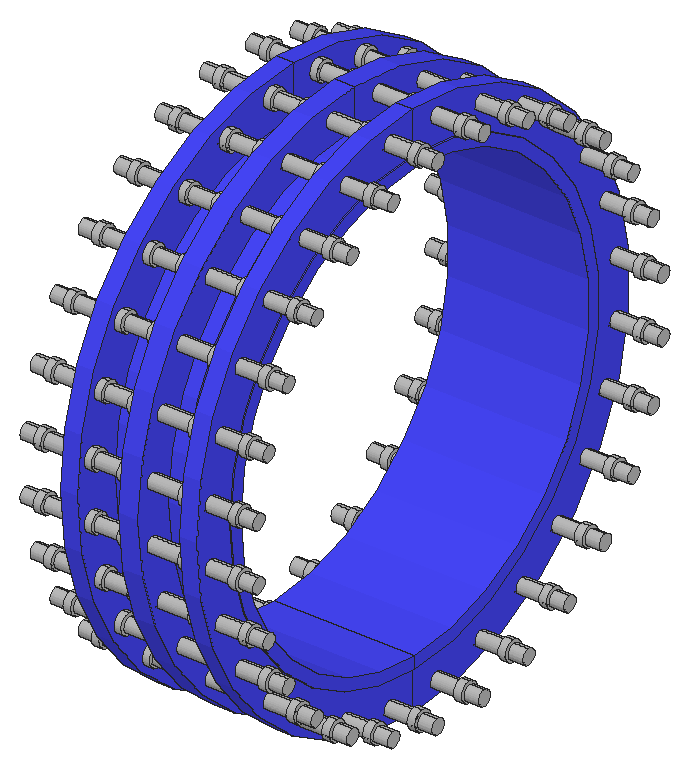
Revit family "265-91-001 DN0900-1000", category Pipe Accessories, Revit 2022
Family settings
  Round Connector Dimension = Use Diameter
  Part Type = Valve - Breaks Into
  Work Plane-Based = No
  Always vertical = Yes
  Cut with Voids When Loaded = No
  Shared = No
Parameters (values of type "DN0900_PN10")
  raised_R = D * 0.85  # 473.875 mm
  offset = S11 - S  # 10.5 mm
  URL_product_pages = "https://www.avkvalves.com/P.aspx?no=265900401014036400"
  T1 = FL_T * 0.75  # 30 mm
  T = FL_T * 0.3  # 12 mm
  Search_table = "265-91-001 DN0900-1000"
  S11 = S * 1.35  # 40.5 mm
  S = size_lookup(Search_table, "S", 0 mm, DN)  # 30 mm
  Raised_dis = size_lookup(Search_table, "Raised_dis", 0 mm, DN)  # 5 mm
  PN = size_lookup(Search_table, "PN", 0 mm, DN)  # 10 mm
  PCD = size_lookup(Search_table, "PCD", 0 mm, DN) / 2  # 525 mm
  Nut_T = FL_T * 0.4  # 16 mm
  L3 = FL_T / 2  # 20 mm
  L2 = L * 0.065  # 31.2 mm
  L11 = size_lookup(Search_table, "L11", 0 mm, DN)  # 290 mm
  L1 = L11 * 0.68  # 197.2 mm
  FL_T/2 = FL_T / 2  # 20 mm
  L = size_lookup(Search_table, "L", 0 mm, DN)  # 480 mm
  FL_T = size_lookup(Search_table, "FL_T", 0 mm, DN)  # 40 mm
  Description_ = "AVK DISMANTLING JOINT WITH CENTRE FLANGE, PN10/16"
  Default Elevation = 0 mm
  DN1000_PN10 = "265-9-1000-11-04036401"
  DN1000_PN16 = "265-9-1000-10-14036400"
  DN0900_PN10 = "265-9-0900-11-04036401"
  DN0900_PN16 = "265-9-0900-10-14036400"
  DN = 900.1 mm
  D = size_lookup(Search_table, "D", 0 mm, DN) / 2  # 557.5 mm
  Bore = DN / 2  # 450.05 mm
  Bolt.no = size_lookup(Search_table, "Bolt.no", 0 mm, DN)  # 28 mm
  B1 = L * 0.08  # 38.4 mm
  25 = 25 mm  # constant formula
Types (5, lengths in mm): name | raised_R | offset | T1 | T | S11 | S | PN | PCD | Nut_T | L3 | L2 | L11 | L1 | FL_T/2 | L | FL_T | DN | D | Bore | B1
  (no name) | 473.875 | 10.5 | 30 | 12 | 40.5 | 30 | 10 | 525 | 16 | 20 | 31.2 | 290 | 197.2 | 20 | 480 | 40 | 900.1 | 557.5 | 450.05 | 38.4
  DN0900_PN16 | 478.125 | 12.6 | 34.875 | 13.95 | 48.6 | 36 | 16 | 525 | 18.6 | 23.25 | 35.425 | 320 | 217.6 | 23.25 | 545 | 46.5 | 900 | 562.5 | 450 | 43.6
  DN0900_PN10 | 473.875 | 10.5 | 30 | 12 | 40.5 | 30 | 10 | 525 | 16 | 20 | 31.2 | 290 | 197.2 | 20 | 480 | 40 | 900.1 | 557.5 | 450.05 | 38.4
  DN1000_PN16 | 533.375 | 13.65 | 37.5 | 15 | 52.65 | 39 | 16 | 585 | 20 | 25 | 37.7 | 340 | 231.2 | 25 | 580 | 50 | 1000 | 627.5 | 500 | 46.4
  DN1000_PN10 | 522.75 | 11.55 | 31.875 | 12.75 | 44.55 | 33 | 10 | 580 | 17 | 21.25 | 32.5 | 290 | 197.2 | 21.25 | 500 | 42.5 | 1000.1 | 615 | 500.05 | 40
Reference planes
  plane 1 "Center (Front/Back)": y = 0
  plane 2: z = 0
  plane 3 "Center (Left/Right)": x = 0
  plane 4: z = 557.5
  plane 5: z = -557.5
  plane 6: x = -145
  plane 7: x = 145
  plane 8: x = -145
  plane 9: x = 145
  plane 10: z = 450.05
  plane 11: y = 525
  plane 12: y = -525
  plane 13: z = 525
  plane 14: z = -525
  plane 15: x = -240
  plane 16: x = 240
  plane 17: x = 105
  plane 18: x = -208.8
  plane 19: x = 208.8
  plane 20: x = -105
  plane 21: x = -20
  plane 22: x = -192.8
  plane 23: x = -89
  plane 24: x = -36
  plane 25: x = 89
  plane 26: x = 192.8
  plane 27: z = 0
  plane 28: z = 0
  plane 29: y = 0.002
  plane 30: z = 0
  plane 31: y = 0
  plane 32: z = 320
  plane 33: z = 225
  plane 34: z = 292.5
  plane 35: z = 0
  plane 36: z = 0
  plane 37: z = 0
  plane 38: through (4267.2, -250.917, 28.233) normal (0, 0.1118, 0.9937)
  plane 39: through (0, 0, 0) normal (0, -0.2222, -0.975)
  plane 40: through (4267.2, -238.368, 83.288) normal (0, 0.3299, 0.944)
  plane 41: through (0, 0, 0) normal (0, -0.4333, -0.9012)
  plane 42: through (4267.2, -213.898, 134.178) normal (0, 0.5314, 0.8471)
  plane 43: through (0, 0, 0) normal (0, -0.6228, -0.7824)
  plane 44: through (4267.2, -178.731, 178.357) normal (0, 0.7064, 0.7078)
  plane 45: through (0, 0, 0) normal (0, -0.7811, -0.6244)
  plane 46: through (4267.2, -134.626, 213.617) normal (0, 0.846, 0.5332)
  plane 47: through (0, 0, 0) normal (0, -0.9003, -0.4352)
  plane 48: through (4267.2, -83.788, 238.193) normal (0, 0.9433, 0.3318)
  plane 49: through (0, 0, 0) normal (0, -0.9745, -0.2243)
  plane 50: through (4267.2, -28.759, 250.857) normal (0, 0.9935, 0.1139)
  plane 51: through (4267.2, 250.917, 28.233) normal (0, 0.1118, -0.9937)
  plane 52: through (0, 0, 0) normal (0, -0.2222, 0.975)
  plane 53: through (4267.2, 238.368, 83.288) normal (0, 0.3299, -0.944)
  plane 54: through (0, 0, 0) normal (0, -0.4333, 0.9012)
  plane 55: through (4267.2, 213.898, 134.178) normal (0, 0.5314, -0.8471)
  plane 56: through (0, 0, 0) normal (0, -0.6228, 0.7824)
  plane 57: through (4267.2, 178.731, 178.357) normal (0, 0.7064, -0.7078)
  plane 58: through (0, 0, 0) normal (0, -0.7811, 0.6244)
  plane 59: through (4267.2, 134.626, 213.617) normal (0, 0.846, -0.5332)
  plane 60: through (0, 0, 0) normal (0, -0.9003, 0.4352)
  plane 61: through (4267.2, 83.788, 238.193) normal (0, 0.9433, -0.3318)
  plane 62: through (0, 0, 0) normal (0, -0.9745, 0.2243)
  plane 63: through (4267.2, 28.759, 250.857) normal (0, 0.9935, -0.1139)
Forms (mm)
  Revolve 1, solid, material "Laminate, Blue, Matte"
    sketch origin (0, 0, 0) x (1, 0, 0) y (0, 0, 1)
      loop
        line (-145, 473.875) -> (-145, 450.05) -> (145, 450.05) -> (145, 473.875) -> (140, 473.875) -> (140, 557.5) -> (105, 557.5) -> (105, 462.05) -> (-105, 462.05) -> (-105, 557.5) -> (-140, 557.5) -> (-140, 473.875) -> (-145, 473.875)
      axis (-145, 0) -> (145, 0)
    angle from 0 to 360
  Revolve 2, solid, material "Laminate, Blue, Matte"
    sketch origin (0, 0, 0) x (1, 0, 0) y (0, 0, 1)
      loop
        line (-20, 557.5) -> (-20, 462.05) -> (52.2, 462.05) -> (52.2, 480.05) -> (20, 480.05) -> (20, 557.5) -> (-20, 557.5)
      axis (-20, 0) -> (52.2, 0)
    angle from 0 to 360
  Extrusion 3, solid, material "Stainless Steel AISI 304"
    sketch origin (-208.8, -1524, 188.585) x (0, 0, 1) y (0, -1, 0)
      loop
        circle (-247.288, -2045.709) r 15
      loop
        circle (-361.759, -2019.618) r 15
      loop
        circle (-467.57, -1968.74) r 15
      loop
        circle (-559.428, -1895.62) r 15
      loop
        circle (-632.739, -1803.916) r 15
      loop
        circle (-683.839, -1698.212) r 15
      loop
        circle (-710.169, -1583.796) r 15
      loop
        circle (-710.169, -1464.204) r 15
      loop
        circle (-683.839, -1349.788) r 15
      loop
        circle (-632.739, -1244.084) r 15
      loop
        circle (-559.428, -1152.38) r 15
      loop
        circle (-467.57, -1079.26) r 15
      loop
        circle (-361.759, -1028.382) r 15
      loop
        circle (-247.288, -1002.291) r 15
      loop
        circle (-129.881, -2045.709) r 15
      loop
        circle (-15.41, -2019.618) r 15
      loop
        circle (90.4, -1968.74) r 15
      loop
        circle (182.258, -1895.62) r 15
      loop
        circle (255.57, -1803.916) r 15
      loop
        circle (306.669, -1698.212) r 15
      loop
        circle (333, -1583.796) r 15
      loop
        circle (333, -1464.204) r 15
      loop
        circle (306.669, -1349.788) r 15
      loop
        circle (255.57, -1244.084) r 15
      loop
        circle (182.258, -1152.38) r 15
      loop
        circle (90.4, -1079.26) r 15
      loop
        circle (-15.41, -1028.382) r 15
      loop
        circle (-129.881, -1002.291) r 15
    from -31.2 to 448.8
  Extrusion 4, solid, material "Stainless Steel AISI 304"
    sketch origin (-208.8, -1524, 188.585) x (0, 0, 1) y (0, -1, 0)
      loop
        circle (-129.881, -2045.709) r 20.25
      loop
        circle (-15.41, -2019.618) r 20.25
      loop
        circle (90.4, -1968.74) r 20.25
      loop
        circle (182.258, -1895.62) r 20.25
      loop
        circle (255.57, -1803.916) r 20.25
      loop
        circle (306.669, -1698.212) r 20.25
      loop
        circle (333, -1583.796) r 20.25
      loop
        circle (-129.881, -1002.291) r 20.25
      loop
        circle (-15.41, -1028.382) r 20.25
      loop
        circle (90.4, -1079.26) r 20.25
      loop
        circle (182.258, -1152.38) r 20.25
      loop
        circle (255.57, -1244.084) r 20.25
      loop
        circle (306.669, -1349.788) r 20.25
      loop
        circle (333, -1464.204) r 20.25
      loop
        circle (-247.288, -2045.709) r 20.25
      loop
        circle (-361.759, -2019.618) r 20.25
      loop
        circle (-467.57, -1968.74) r 20.25
      loop
        circle (-559.428, -1895.62) r 20.25
      loop
        circle (-632.739, -1803.916) r 20.25
      loop
        circle (-683.839, -1698.212) r 20.25
      loop
        circle (-710.169, -1583.796) r 20.25
      loop
        circle (-247.288, -1002.291) r 20.25
      loop
        circle (-361.759, -1028.382) r 20.25
      loop
        circle (-467.57, -1079.26) r 20.25
      loop
        circle (-559.428, -1152.38) r 20.25
      loop
        circle (-632.739, -1244.084) r 20.25
      loop
        circle (-683.839, -1349.788) r 20.25
      loop
        circle (-710.169, -1464.204) r 20.25
    from 0 to 16
  Extrusion 5, solid, material "Stainless Steel AISI 304"
    sketch origin (-208.8, -1524, 188.585) x (0, 0, 1) y (0, -1, 0)
      loop
        circle (-247.288, -2045.709) r 20.25
      loop
        circle (-129.881, -2045.709) r 20.25
      loop
        circle (-15.41, -2019.618) r 20.25
      loop
        circle (90.4, -1968.74) r 20.25
      loop
        circle (182.258, -1895.62) r 20.25
      loop
        circle (255.57, -1803.916) r 20.25
      loop
        circle (306.669, -1698.212) r 20.25
      loop
        circle (333, -1583.796) r 20.25
      loop
        circle (333, -1464.204) r 20.25
      loop
        circle (306.669, -1349.788) r 20.25
      loop
        circle (255.57, -1244.084) r 20.25
      loop
        circle (182.258, -1152.38) r 20.25
      loop
        circle (90.4, -1079.26) r 20.25
      loop
        circle (-15.41, -1028.382) r 20.25
      loop
        circle (-129.881, -1002.291) r 20.25
      loop
        circle (-247.288, -1002.291) r 20.25
      loop
        circle (-361.759, -1028.382) r 20.25
      loop
        circle (-467.57, -1079.26) r 20.25
      loop
        circle (-559.428, -1152.38) r 20.25
      loop
        circle (-632.739, -1244.084) r 20.25
      loop
        circle (-683.839, -1349.788) r 20.25
      loop
        circle (-710.169, -1464.204) r 20.25
      loop
        circle (-710.169, -1583.796) r 20.25
      loop
        circle (-683.839, -1698.212) r 20.25
      loop
        circle (-632.739, -1803.916) r 20.25
      loop
        circle (-559.428, -1895.62) r 20.25
      loop
        circle (-467.57, -1968.74) r 20.25
      loop
        circle (-361.759, -2019.618) r 20.25
    from 103.8 to 119.8
  Extrusion 6, solid, material "Stainless Steel AISI 304"
    sketch origin (-208.8, -1524, 188.585) x (0, 0, 1) y (0, -1, 0)
      loop
        circle (-129.881, -2045.709) r 20.25
      loop
        circle (-15.41, -2019.618) r 20.25
      loop
        circle (90.4, -1968.74) r 20.25
      loop
        circle (182.258, -1895.62) r 20.25
      loop
        circle (255.57, -1803.916) r 20.25
      loop
        circle (306.669, -1698.212) r 20.25
      loop
        circle (333, -1583.796) r 20.25
      loop
        circle (333, -1464.204) r 20.25
      loop
        circle (306.669, -1349.788) r 20.25
      loop
        circle (255.57, -1244.084) r 20.25
      loop
        circle (182.258, -1152.38) r 20.25
      loop
        circle (90.4, -1079.26) r 20.25
      loop
        circle (-15.41, -1028.382) r 20.25
      loop
        circle (-129.881, -1002.291) r 20.25
      loop
        circle (-247.288, -1002.291) r 20.25
      loop
        circle (-361.759, -1028.382) r 20.25
      loop
        circle (-467.57, -1079.26) r 20.25
      loop
        circle (-559.428, -1152.38) r 20.25
      loop
        circle (-632.739, -1244.084) r 20.25
      loop
        circle (-683.839, -1349.788) r 20.25
      loop
        circle (-710.169, -1464.204) r 20.25
      loop
        circle (-710.169, -1583.796) r 20.25
      loop
        circle (-683.839, -1698.212) r 20.25
      loop
        circle (-632.739, -1803.916) r 20.25
      loop
        circle (-559.428, -1895.62) r 20.25
      loop
        circle (-467.57, -1968.74) r 20.25
      loop
        circle (-361.759, -2019.618) r 20.25
      loop
        circle (-247.288, -2045.709) r 20.25
    from 313.8 to 297.8
  Extrusion 7, solid, material "Stainless Steel AISI 304"
    sketch origin (-252.3, -1524, 188.585) x (0, 0, 1) y (0, -1, 0)
      loop
        circle (-247.288, -2045.709) r 20.25
      loop
        circle (-129.881, -2045.709) r 20.25
      loop
        circle (-15.41, -2019.618) r 20.25
      loop
        circle (90.4, -1968.74) r 20.25
      loop
        circle (182.258, -1895.62) r 20.25
      loop
        circle (255.57, -1803.916) r 20.25
      loop
        circle (306.669, -1698.212) r 20.25
      loop
        circle (333, -1583.796) r 20.25
      loop
        circle (333, -1464.204) r 20.25
      loop
        circle (306.669, -1349.788) r 20.25
      loop
        circle (255.57, -1244.084) r 20.25
      loop
        circle (182.258, -1152.38) r 20.25
      loop
        circle (90.4, -1079.26) r 20.25
      loop
        circle (-15.41, -1028.382) r 20.25
      loop
        circle (-129.881, -1002.291) r 20.25
      loop
        circle (-247.288, -1002.291) r 20.25
      loop
        circle (-467.57, -1079.26) r 20.25
      loop
        circle (-361.759, -1028.382) r 20.25
      loop
        circle (-559.428, -1152.38) r 20.25
      loop
        circle (-632.739, -1244.084) r 20.25
      loop
        circle (-683.839, -1349.788) r 20.25
      loop
        circle (-710.169, -1464.204) r 20.25
      loop
        circle (-710.169, -1583.796) r 20.25
      loop
        circle (-683.839, -1698.212) r 20.25
      loop
        circle (-632.739, -1803.916) r 20.25
      loop
        circle (-559.428, -1895.62) r 20.25
      loop
        circle (-467.57, -1968.74) r 20.25
      loop
        circle (-361.759, -2019.618) r 20.25
    from 216.3 to 232.3
  Extrusion 8, solid, material "Stainless Steel AISI 304"
    sketch origin (-252.3, -1524, 188.585) x (0, 0, 1) y (0, -1, 0)
      loop
        circle (-247.288, -2045.709) r 20.25
      loop
        circle (-361.759, -2019.618) r 20.25
      loop
        circle (-467.57, -1968.74) r 20.25
      loop
        circle (-559.428, -1895.62) r 20.25
      loop
        circle (-632.739, -1803.916) r 20.25
      loop
        circle (-683.839, -1698.212) r 20.25
      loop
        circle (-710.169, -1583.796) r 20.25
      loop
        circle (-710.169, -1464.204) r 20.25
      loop
        circle (-683.839, -1349.788) r 20.25
      loop
        circle (-632.739, -1244.084) r 20.25
      loop
        circle (-559.428, -1152.38) r 20.25
      loop
        circle (-467.57, -1079.26) r 20.25
      loop
        circle (-361.759, -1028.382) r 20.25
      loop
        circle (-247.288, -1002.291) r 20.25
      loop
        circle (-129.881, -1002.291) r 20.25
      loop
        circle (-15.41, -1028.382) r 20.25
      loop
        circle (90.4, -1079.26) r 20.25
      loop
        circle (182.258, -1152.38) r 20.25
      loop
        circle (255.57, -1244.084) r 20.25
      loop
        circle (306.669, -1349.788) r 20.25
      loop
        circle (333, -1464.204) r 20.25
      loop
        circle (333, -1583.796) r 20.25
      loop
        circle (306.669, -1698.212) r 20.25
      loop
        circle (255.57, -1803.916) r 20.25
      loop
        circle (182.258, -1895.62) r 20.25
      loop
        circle (90.4, -1968.74) r 20.25
      loop
        circle (-15.41, -2019.618) r 20.25
      loop
        circle (-129.881, -2045.709) r 20.25
    from 445.1 to 461.1
Dimensions and locks
  equal spacing: plane 4, level, plane 5
  "D": plane 4 to level
  equal spacing: plane 7, plane 3 "Center (Left/Right)", plane 6
  "L11": plane 7 to plane 6
  equal spacing: plane 9, plane 3 "Center (Left/Right)", plane 8
  "L11": plane 9 to plane 8
  "Bore": plane 10 to level
  equal spacing: Revolve 1 sketch curve, plane 3 "Center (Left/Right)", Revolve 1 sketch curve  (x3)
  "T": Revolve 1 sketch curve to plane 10
  "Raised_dis": Revolve 1 sketch curve to plane 6
  "FL_T": Revolve 1 sketch curve to plane 6
  "T1": Revolve 2 sketch curve to plane 10
  "T": Revolve 2 sketch curve to plane 10
  "L1": Revolve 2 sketch curve to plane 6
  equal spacing: Revolve 2 sketch curve, plane 3 "Center (Left/Right)", Revolve 2 sketch curve
  "FL_T/2": plane 3 "Center (Left/Right)" to Revolve 2 sketch curve
  equal spacing: plane 11, plane 1 "Center (Front/Back)", plane 12
  equal spacing: plane 13, level, plane 14
  "PCD": plane 13 to level
  "PCD": plane 11 to plane 1 "Center (Front/Back)"
  equal spacing: plane 16, plane 3 "Center (Left/Right)", plane 15
  "L": plane 16 to plane 15
  "FL_T": plane 9 to plane 17
  "L2": plane 18 to plane 15
  equal spacing: plane 19, plane 3 "Center (Left/Right)", plane 18
  "FL_T": plane 20 to plane 8
  "FL_T/2": plane 3 "Center (Left/Right)" to plane 21
  "raised_R": Revolve 1 sketch curve to level
  "Nut_T": plane 22 to plane 18
  "Nut_T": plane 23 to plane 20
  "Nut_T": plane 21 to plane 24
  "Nut_T": plane 17 to plane 25
  "Nut_T": plane 19 to plane 26
  plane 16 to plane 15 = 480 mm
  plane 4 to plane 5 = 1115 mm
  equal spacing: Extrusion 3 sketch curve, plane 38, Extrusion 3 sketch curve  (x3)
  equal spacing: Extrusion 3 sketch curve, plane 40, Extrusion 3 sketch curve  (x3)
  equal spacing: Extrusion 3 sketch curve, plane 42, Extrusion 3 sketch curve  (x3)
  equal spacing: Extrusion 3 sketch curve, plane 44, Extrusion 3 sketch curve  (x3)
  equal spacing: Extrusion 3 sketch curve, plane 46, Extrusion 3 sketch curve  (x3)
  equal spacing: Extrusion 3 sketch curve, plane 48, Extrusion 3 sketch curve  (x3)
  equal spacing: Extrusion 3 sketch curve, plane 50, Extrusion 3 sketch curve  (x3)
  "PCD": plane 63 to Extrusion 3 sketch curve
  "PCD": Extrusion 3 sketch curve to plane 61
  "PCD": plane 59 to Extrusion 3 sketch curve
  "PCD": plane 55 to Extrusion 3 sketch curve
  "PCD": Extrusion 3 sketch curve to plane 53
  "PCD": plane 51 to Extrusion 3 sketch curve
  equal spacing: Extrusion 3 sketch curve, plane 51, Extrusion 3 sketch curve  (x3)
  equal spacing: Extrusion 3 sketch curve, plane 53, Extrusion 3 sketch curve  (x3)
  equal spacing: Extrusion 3 sketch curve, plane 55, Extrusion 3 sketch curve  (x3)
  equal spacing: Extrusion 3 sketch curve, plane 57, Extrusion 3 sketch curve  (x3)
  equal spacing: Extrusion 3 sketch curve, plane 59, Extrusion 3 sketch curve  (x3)
  equal spacing: Extrusion 3 sketch curve, plane 61, Extrusion 3 sketch curve  (x3)
  equal spacing: Extrusion 3 sketch curve, plane 63, Extrusion 3 sketch curve  (x3)
  "PCD": plane 38 to Extrusion 3 sketch curve
  "PCD": Extrusion 3 sketch curve to plane 40
  "PCD": plane 42 to Extrusion 3 sketch curve
  "PCD": Extrusion 3 sketch curve to plane 44
  "PCD": plane 46 to Extrusion 3 sketch curve
  "PCD": Extrusion 3 sketch curve to plane 48
  "PCD": plane 50 to Extrusion 3 sketch curve
  "PCD": Extrusion 3 sketch curve to plane 57
  equal spacing: Extrusion 4 sketch curve, plane 51, Extrusion 4 sketch curve
  equal spacing: Extrusion 4 sketch curve, plane 53, Extrusion 4 sketch curve
  equal spacing: Extrusion 4 sketch curve, plane 55, Extrusion 4 sketch curve
  equal spacing: Extrusion 4 sketch curve, plane 57, Extrusion 4 sketch curve
  equal spacing: Extrusion 4 sketch curve, plane 59, Extrusion 4 sketch curve
  equal spacing: Extrusion 4 sketch curve, plane 63, Extrusion 4 sketch curve
  equal spacing: Extrusion 4 sketch curve, plane 61, Extrusion 4 sketch curve
  "PCD": Extrusion 4 sketch curve to plane 50
  "PCD": plane 48 to Extrusion 4 sketch curve
  "PCD": Extrusion 4 sketch curve to plane 46
  "PCD": plane 44 to Extrusion 4 sketch curve
  "PCD": plane 40 to Extrusion 4 sketch curve
  "PCD": Extrusion 4 sketch curve to plane 42
  "PCD": Extrusion 4 sketch curve to plane 38
  equal spacing: Extrusion 4 sketch curve, plane 50, Extrusion 4 sketch curve
  equal spacing: Extrusion 4 sketch curve, plane 48, Extrusion 4 sketch curve
  equal spacing: Extrusion 4 sketch curve, plane 46, Extrusion 4 sketch curve
  equal spacing: Extrusion 4 sketch curve, plane 44, Extrusion 4 sketch curve
  equal spacing: Extrusion 4 sketch curve, plane 42, Extrusion 4 sketch curve
  equal spacing: Extrusion 4 sketch curve, plane 40, Extrusion 4 sketch curve
  equal spacing: Extrusion 4 sketch curve, plane 38, Extrusion 4 sketch curve
  "PCD": Extrusion 4 sketch curve to plane 63
  "PCD": plane 61 to Extrusion 4 sketch curve
  "PCD": Extrusion 4 sketch curve to plane 59
  "PCD": plane 57 to Extrusion 4 sketch curve
  "PCD": Extrusion 4 sketch curve to plane 55
  "PCD": plane 53 to Extrusion 4 sketch curve
  "PCD": Extrusion 4 sketch curve to plane 51
  "PCD": plane 63 to Extrusion 4 sketch curve
  "PCD": plane 51 to Extrusion 4 sketch curve
  "PCD": Extrusion 4 sketch curve to plane 53
  "PCD": plane 55 to Extrusion 4 sketch curve
  "PCD": Extrusion 4 sketch curve to plane 57
  "PCD": Extrusion 4 sketch curve to plane 61
  "PCD": plane 59 to Extrusion 4 sketch curve
  "PCD": plane 38 to Extrusion 4 sketch curve
  "PCD": Extrusion 4 sketch curve to plane 40
  "PCD": plane 42 to Extrusion 4 sketch curve
  "PCD": plane 50 to Extrusion 4 sketch curve
  "PCD": Extrusion 4 sketch curve to plane 48
  "PCD": plane 46 to Extrusion 4 sketch curve
  "PCD": Extrusion 4 sketch curve to plane 44
  "S": diameter of Extrusion 3 sketch curve  (x28)
  "S11": diameter of Extrusion 4 sketch curve  (x28)
  diameter of Extrusion 3 = 30 mm
  aligned and locked: level to plane 2
  aligned and locked: Revolve 1 sketch curve to level
  aligned and locked: Revolve 1 sketch curve to Revolve 1 sketch curve  (x2)
  aligned and locked: plane 10 to Revolve 1 sketch curve
  aligned and locked: plane 6 to Revolve 1 sketch curve
  aligned and locked: Revolve 1 sketch curve to plane 4
  aligned and locked: Revolve 2 sketch curve to plane 4
  aligned and locked: plane 37 to level
  aligned and locked: Extrusion 3 to plane 15
  aligned and locked: Extrusion 3 to plane 16
  aligned and locked: Extrusion 4 to plane 18
  aligned and locked: Extrusion 4 to plane 22
  aligned and locked: Extrusion 5 sketch curve to Extrusion 4  (x56)
  aligned and locked: Revolve 1 to Extrusion 5
  aligned and locked: plane 23 to Extrusion 5
  aligned and locked: Extrusion 6 sketch curve to Extrusion 4  (x56)
  aligned and locked: plane 25 to Extrusion 6
  aligned and locked: Extrusion 6 to Revolve 1
  aligned and locked: Extrusion 7 sketch curve to Extrusion 4  (x56)
  aligned and locked: Extrusion 7 to Revolve 2
  aligned and locked: Extrusion 7 to plane 24
  aligned and locked: Extrusion 8 sketch curve to Extrusion 4  (x56)
  aligned and locked: Extrusion 8 to plane 19
  aligned and locked: Extrusion 8 to plane 26
Automatic sketch dimensions
  Revolve 1 sketch curve to plane 6 = 5.606 mm
  Revolve 1 sketch curve to plane 7 = 4.556 mm
  Revolve 2 sketch curve to level = 0 mm
  plane 18 to Revolve 2 sketch curve = 6.103 mm
  Revolve 2 sketch curve to plane 7 = 1.915 mm
  Extrusion 4 sketch curve to plane 50 = 0 mm
  Extrusion 4 sketch curve to plane 63 = 0 mm
  plane 48 to Extrusion 4 sketch curve = 0 mm
  plane 61 to Extrusion 4 sketch curve = 0 mm
  Extrusion 4 sketch curve to plane 59 = 0 mm
  Extrusion 4 sketch curve to plane 46 = 0 mm
  plane 57 to Extrusion 4 sketch curve = 0 mm
  plane 44 to Extrusion 4 sketch curve = 0 mm
  Extrusion 4 sketch curve to plane 55 = 0 mm
  Extrusion 4 sketch curve to plane 42 = 0 mm
  plane 40 to Extrusion 4 sketch curve = 0 mm
  plane 53 to Extrusion 4 sketch curve = 0 mm
  Extrusion 4 sketch curve to plane 51 = 0 mm
  Extrusion 4 sketch curve to plane 38 = 0 mm
Nested families
  nested 1: "logo medium-111" at (-60, -462.026, -4.733) x (1, 0, 0) z (0, -0.9999, -0.0102), type "logo medium-111"
Connectors
  piping at (145, 0, 0), diameter 900.1, driven by "DN"
    settings: on Revolve 1, index 1, connector inside diameter 609.6 mm, connector length 0 mm, flow factor 0, pipe flow 0.0 L/s, pressure drop 0.0 Pa, fitting loss kfactor 0, connector angle 0.00°, fixture units 0, engagement length 0 mm, angle of deflection 0.00°, flow configuration 0, flow direction 0, fitting loss method 0, system type 7, joint type 0, gender type 0, connector reference index -1, connector utility 0, adjustable connector no, is connector primary yes, connector description ""
  piping at (-145, 0, 0), diameter 900.1, driven by "DN"
    settings: on Revolve 1, index 2, connector inside diameter 609.6 mm, connector length 0 mm, flow factor 0, pipe flow 0.0 L/s, pressure drop 0.0 Pa, fitting loss kfactor 0, connector angle 0.00°, fixture units 0, engagement length 0 mm, angle of deflection 0.00°, flow configuration 0, flow direction 0, fitting loss method 0, system type 7, joint type 0, gender type 0, connector reference index -1, connector utility 0, adjustable connector no, is connector primary no, connector description ""
Definition of nested family "logo medium-111"
  Parameters
    Default Elevation = 1219.2 mm
  Reference planes
    plane 1 "Center (Front/Back)": y = 0
    plane 2: z = 0
    plane 3 "Center (Left/Right)": x = 0
  Forms (mm)
    Extrusion 1, solid
      sketch origin (0, 0, 0) x (1, 0, 0) y (0, 1, 0)
        loop
          line (-1219.2, 1219.2) -> (-1219.2, -1219.2) -> (1219.2, -1219.2) -> (1219.2, 1219.2) -> (-1219.2, 1219.2)
      from 0 to -188.781
    Extrusion 2, solid
      sketch origin (0, 0, 0) x (1, 0, 0) y (0, 1, 0)
        loop
          line (-30.911, 14.607) -> (-12.952, 14.607) -> (-3.438, -8.594) -> (3.26, -8.594) -> (12.676, 14.607) -> (30.732, 14.607) -> (30.732, 20.529) -> (7.968, 20.529) -> (0, 0) -> (-8.195, 20.529) -> (-30.911, 20.529) -> (-30.911, 14.607)
        loop
          line (30.732, 6.453) -> (30.732, 12.569) -> (24.908, 12.569)
          arc (24.908, 12.569) -> (22.993, 7.075) -> (17.724, 4.608) r 7.492
          line (17.724, 4.608) -> (20.928, 12.569) -> (14.521, 12.569) -> (5.881, -8.594) -> (12.434, -8.594) -> (15.777, -0.405) -> (21.354, -8.594) -> (29.424, -8.594) -> (22.319, 0.649)
          arc (22.319, 0.649) -> (26.344, 2.972) -> (29.424, 6.453) r 14.456
          line (29.424, 6.453) -> (30.732, 6.453)
        loop
          line (-5.865, -8.594) -> (-14.796, 12.569) -> (-30.911, 12.569) -> (-30.911, 6.453) -> (-25.086, 6.453) -> (-30.911, -8.594) -> (-25.086, -8.594) -> (-23.728, -5.084) -> (-13.656, -5.084) -> (-12.175, -8.594) -> (-5.865, -8.594)
        loop
          line (-18.776, 7.618) -> (-21.494, 0) -> (-15.961, 0) -> (-18.776, 7.618)
      from 0 to 2
  Dimensions and locks
    aligned and locked: plane 2 to Extrusion 1
    aligned and locked: level to Extrusion 1
    aligned and locked: Extrusion 2 sketch curve to import instance  (x36)
